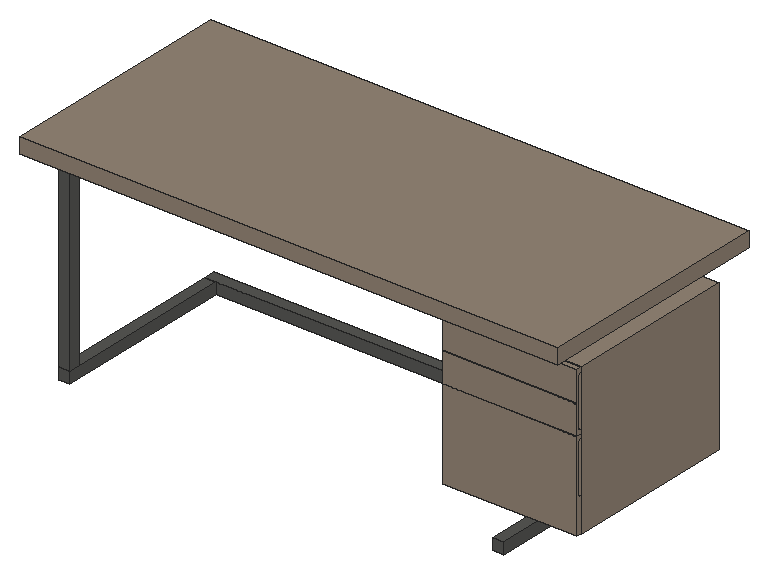
Revit family "Vervano Gabe Desk", category Furniture, Revit 2012
Parameters
  Wood = Vervano Wood
  Width = 72"  # constant formula
  URL = "www.therevitcollection.com"
  Type Comments = "*Change detail level to ''Fine'' to view this object or change visibility settings of extrusions*"  # constant formula
  Product URL = "http://vervano.com/CT-3200_Gabe.pdf"
  Modeled By = "The Revit Collection"  # constant formula
  Model = "Gabe Desk"  # constant formula
  Metal = Vervano Metal
  Manufacturer URL = "http://vervano.com"
  Manufacturer = "Vervano"
  Height = 30"  # constant formula
  Depth = 32"  # constant formula
  Assembly Code = "E2020200"
Reference planes (in)
  plane 1 "Center Front/Back": y = 0
  plane 2: z = 0
  plane 3 "Center Left/Right": x = 0
  plane 4: x = -36
  plane 5: x = 36
  plane 6: y = -16
  plane 7: y = 16
  plane 8 "tt": z = 30
  plane 9: x = -33.875
  plane 10: x = 25.875
Forms (in)
  Extrusion 1, solid, material "Vervano Metal" <- "Metal"
    sketch origin (0, 12.25, 0) x (1, 0, 0) y (0, 0, 1)
      loop
        line (-33.875, 0) -> (-32.375, 0) -> (-32.375, 1.5) -> (-33.875, 1.5) -> (-33.875, 0)
    from 0 to 24.5
  Extrusion 2, solid, material "Vervano Metal" <- "Metal"
    sketch origin (0, 13.75, 0) x (1, 0, 0) y (0, 0, 1)
      loop
        line (-33.875, 0) -> (25.875, 0) -> (25.875, 1.5) -> (-33.875, 1.5) -> (-33.875, 0)
    from 0 to 1.5
  Extrusion 3, solid, material "Vervano Wood" <- "Wood"
    sketch origin (0, 0, 0) x (1, 0, 0) y (0, 0, 1)
      loop
        line (-36, 30) -> (-36, 28) -> (36, 28) -> (36, 30) -> (-36, 30)
    from -16 to 16
  Extrusion 4, solid, material "Vervano Metal" <- "Metal"
    sketch origin (0, 0, 30) x (-1, 0, 0) y (0, -1, 0)
      loop
        line (32.375, 12.25) -> (32.375, 10.75) -> (33.875, 10.75) -> (33.875, 12.25) -> (32.375, 12.25)
    from -28.5 to -3.5
  Extrusion 5, solid, material "Vervano Metal" <- "Metal"
    sketch origin (0, 12.25, 26.5) x (1, 0, 0) y (0, 0, 1)
      loop
        line (-33.875, 0) -> (-32.375, 0) -> (-32.375, 1.5) -> (-33.875, 1.5) -> (-33.875, 0)
    from -1.5 to 24.5
  Extrusion 6, solid, material "Vervano Metal" <- "Metal"
    sketch origin (0, 13.75, 26.5) x (1, 0, 0) y (0, 0, 1)
      loop
        line (-32.375, 0) -> (24.375, 0) -> (24.375, 1.5) -> (-32.375, 1.5) -> (-32.375, 0)
    from 0 to 1.5
  Extrusion 7, solid, material "Vervano Metal" <- "Metal"
    sketch origin (58.25, 10.75, 30) x (-1, 0, 0) y (0, -1, 0)
      loop
        line (32.375, 12.25) -> (32.375, 10.75) -> (33.875, 10.75) -> (33.875, 12.25) -> (32.375, 12.25)
    from -28.5 to -3.5
  Extrusion 8, solid, material "Vervano Wood" <- "Wood"
    sketch origin (0, 0, 0) x (0, 1, 0) y (0, 0, 1)
      loop
        line (13.07074, 24.45624) -> (12.25, 24.45624) -> (12.25, 4.45624) -> (13.07074, 4.45624) -> (13.07074, 24.45624)
    from 16.35644 to 34.35644
  Extrusion 9, solid, material "Vervano Metal" <- "Metal"
    sketch origin (58.25, 12.25, 0) x (1, 0, 0) y (0, 0, 1)
      loop
        line (-33.875, 0) -> (-32.375, 0) -> (-32.375, 1.5) -> (-33.875, 1.5) -> (-33.875, 0)
    from 0 to 24.5
  Extrusion 10, solid, material "Vervano Metal" <- "Metal"
    sketch origin (58.25, 12.25, 26.5) x (1, 0, 0) y (0, 0, 1)
      loop
        line (-33.875, 0) -> (-32.375, 0) -> (-32.375, 1.5) -> (-33.875, 1.5) -> (-33.875, 0)
    from -1.5 to 13.75
  Extrusion 11, solid, material "Vervano Wood" <- "Wood"
    sketch origin (0, 0, 0) x (0, 1, 0) y (0, 0, 1)
      loop
        line (-9.99176, 24.45624) -> (-10.67926, 24.45624) -> (-10.67926, 20.51874) -> (-10.61676, 20.51874) -> (-10.61676, 20.39374) -> (-10.67926, 20.39374) -> (-10.67926, 16.48749) -> (-9.99176, 16.48749) -> (-9.99176, 24.45624)
    from 16.35644 to 34.35644
  Extrusion 12, solid, material "Vervano Wood" <- "Wood"
    sketch origin (0, 0, 0) x (1, 0, 0) y (0, 0, 1)
      loop
        line (16.35644, 24.45624) -> (16.35644, 4.45624) -> (34.35644, 4.45624) -> (34.35644, 24.45624) -> (16.35644, 24.45624)
      loop
        line (16.85644, 23.95624) -> (16.85644, 16.70624) -> (33.85644, 16.70624) -> (33.85644, 23.95624) -> (16.85644, 23.95624)
      loop
        line (33.85644, 4.95624) -> (33.85644, 16.20624) -> (16.85644, 16.20624) -> (16.85644, 4.95624) -> (33.85644, 4.95624)
    from -12.25 to 9.92926
  Extrusion 13, solid, material "Vervano Wood" <- "Wood"
    sketch origin (0, 0, 32.91248) x (0, 1, 0) y (0, 0, 1)
      loop
        line (-9.99176, -28.45624) -> (-9.99176, -16.48749) -> (-10.67926, -16.48749) -> (-10.67926, -28.45624) -> (-9.99176, -28.45624)
    from 16.35644 to 34.35644
  Extrusion 14, void
    sketch origin (16.35644, 0, 0) x (0, 1, 0) y (0, 0, 1)
      loop
        line (-9.99176, 16.95624) -> (-9.99176, 23.95624) -> (-10.05426, 23.95624)
        arc (-10.05426, 23.95624) -> (-10.36362, 23.8281) -> (-10.49176, 23.51874) r 0.4375
        line (-10.49176, 23.51874) -> (-10.49176, 17.39248)
        arc (-10.49176, 17.39248) -> (-10.36399, 17.08401) -> (-10.05552, 16.95624) r 0.43624
        line (-10.05552, 16.95624) -> (-9.99176, 16.95624)
      loop
        line (-9.99176, 15.95624) -> (-10.05552, 15.95624)
        arc (-10.05552, 15.95624) -> (-10.36399, 15.82847) -> (-10.49176, 15.52001) r 0.43624
        line (-10.49176, 15.52001) -> (-10.49176, 9.39374)
        arc (-10.49176, 9.39374) -> (-10.36362, 9.08438) -> (-10.05426, 8.95624) r 0.4375
        line (-10.05426, 8.95624) -> (-9.99176, 8.95624) -> (-9.99176, 15.95624)
    from 0 to 0.5
  Extrusion 15, void
    sketch origin (34.35644, 0, 0) x (0, 1, 0) y (0, 0, -1)
      loop
        line (-9.99176, -16.95624) -> (-10.05552, -16.95624)
        arc (-10.05552, -16.95624) -> (-10.36399, -17.08401) -> (-10.49176, -17.39248) r 0.43624
        line (-10.49176, -17.39248) -> (-10.49176, -23.51874)
        arc (-10.49176, -23.51874) -> (-10.36362, -23.8281) -> (-10.05426, -23.95624) r 0.4375
        line (-10.05426, -23.95624) -> (-9.99176, -23.95624) -> (-9.99176, -16.95624)
      loop
        line (-9.99176, -15.95624) -> (-9.99176, -8.95624) -> (-10.05426, -8.95624)
        arc (-10.05426, -8.95624) -> (-10.36362, -9.08438) -> (-10.49176, -9.39374) r 0.4375
        line (-10.49176, -9.39374) -> (-10.49176, -15.52001)
        arc (-10.49176, -15.52001) -> (-10.36399, -15.82847) -> (-10.05552, -15.95624) r 0.43624
        line (-10.05552, -15.95624) -> (-9.99176, -15.95624)
    from 0 to 0.5
Cuts and joins
  Extrusion 14, Extrusion 15 cuts Extrusion 11
  Extrusion 14, Extrusion 15 cuts Extrusion 13
  joined: Extrusion 8, Extrusion 12
Lines and regions (in)
  Masking region 1
    outline origin (0, 0, 30) x (-1, 0, 0) y (0, -1, 0)
      loop
        line (36, -16) -> (36, 16) -> (-36, 16) -> (-36, -16) -> (36, -16)
Dimensions and locks (in)
  "Height": plane 8 "tt" to level
  equal spacing: plane 6, plane 1 "Center Front/Back", plane 7
  "Depth": plane 6 to plane 7
  equal spacing: plane 4, plane 3 "Center Left/Right", plane 5
  "Width": plane 4 to plane 5
  aligned and locked: level to plane 2
Automatic sketch dimensions
  Masking region 1 sketch curve to plane 5 = 0"
  Masking region 1 sketch curve to plane 4 = 0"
  plane 7 to Masking region 1 sketch curve = 0"
  plane 6 to Masking region 1 sketch curve = 0"
  Extrusion 1 sketch curve to plane 9 = 0"
  Extrusion 1 sketch curve to level = 0"
  Extrusion 1 sketch curve to Extrusion 1 sketch curve = 1 1/2"  (x2)
  Extrusion 2 sketch curve to plane 9 = 0"
  plane 10 to Extrusion 2 sketch curve = 0"
  Extrusion 2 sketch curve to level = 0"
  Extrusion 2 sketch curve to Extrusion 2 sketch curve = 1 1/2"
  Extrusion 3 sketch curve to plane 4 = 0"
  Extrusion 3 sketch curve to plane 5 = 0"
  Extrusion 3 sketch curve to plane 8 "tt" = 0"
  Extrusion 3 sketch curve to Extrusion 3 sketch curve = 2"
  Extrusion 4 sketch curve to plane 9 = 0"
  Extrusion 4 sketch curve to Extrusion 4 sketch curve = 1 1/2"  (x2)
  Extrusion 4 sketch curve to plane 6 = 5 1/4"
  Extrusion 5 sketch curve to plane 9 = 0"
  Extrusion 5 sketch curve to Extrusion 5 sketch curve = 1 1/2"  (x2)
  Extrusion 5 sketch curve to plane 8 "tt" = 3 1/2"
  plane 9 to Extrusion 6 sketch curve = 1 1/2"
  plane 10 to Extrusion 6 sketch curve = 1 1/2"
  Extrusion 6 sketch curve to plane 8 "tt" = 3 1/2"
  Extrusion 6 sketch curve to Extrusion 6 sketch curve = 1 1/2"
  plane 1 "Center Front/Back" to Extrusion 7 sketch curve = 0"
  Extrusion 7 sketch curve to plane 10 = 0"
  Extrusion 7 sketch curve to Extrusion 7 sketch curve = 1 1/2"
  plane 1 "Center Front/Back" to Extrusion 7 sketch curve = 1 1/2"
  plane 7 to Extrusion 8 sketch curve = 3 3/4"
  Extrusion 8 sketch curve to Extrusion 8 sketch curve = 0.82074"
  level to Extrusion 8 sketch curve = 4.45624"
  Extrusion 8 sketch curve to plane 8 "tt" = 5.54376"
  Extrusion 9 sketch curve to level = 0"
  plane 10 to Extrusion 9 sketch curve = 0"
  plane 10 to Extrusion 9 sketch curve = 1 1/2"
  level to Extrusion 9 sketch curve = 1 1/2"
  plane 10 to Extrusion 10 sketch curve = 0"
  plane 10 to Extrusion 10 sketch curve = 1 1/2"
  Extrusion 10 sketch curve to plane 8 "tt" = 3 1/2"
  Extrusion 10 sketch curve to Extrusion 10 sketch curve = 1 1/2"
  Extrusion 11 sketch curve to plane 6 = 5.32074"
  Extrusion 11 sketch curve to Extrusion 11 sketch curve = 0"
  Extrusion 11 sketch curve to Extrusion 11 sketch curve = 1/16"
  Extrusion 11 sketch curve to Extrusion 11 sketch curve = 11/16"
  Extrusion 11 sketch curve to plane 8 "tt" = 13.51251"
  Extrusion 11 sketch curve to Extrusion 11 sketch curve = 3 29/32"
  Extrusion 11 sketch curve to Extrusion 11 sketch curve = 1/8"
  Extrusion 11 sketch curve to Extrusion 11 sketch curve = 3 15/16"
  level to Extrusion 12 sketch curve = 4.45624"
  plane 10 to Extrusion 12 sketch curve = 9.51856"
  Extrusion 12 sketch curve to Extrusion 12 sketch curve = 1/2"  (x5)
  Extrusion 12 sketch curve to Extrusion 12 sketch curve = 0"  (x2)
  Extrusion 12 sketch curve to plane 5 = 2.14356"
  Extrusion 12 sketch curve to Extrusion 12 sketch curve = 11 1/4"
  Extrusion 12 sketch curve to plane 8 "tt" = 6.04376"
  plane 6 to Extrusion 13 sketch curve = 5.32074"
  Extrusion 13 sketch curve to Extrusion 13 sketch curve = 11/16"
  plane 8 "tt" to Extrusion 13 sketch curve = 13.57501"
  Extrusion 13 sketch curve to level = 4.45624"
  Extrusion 14 sketch curve to Extrusion 11 = 0"  (x2)
  Extrusion 11 to Extrusion 14 sketch curve = 1/16"
  Extrusion 14 sketch curve to Extrusion 14 sketch curve = 1/16"
  Extrusion 11 to Extrusion 14 sketch curve = 0.06376"  (x2)
  Extrusion 11 to Extrusion 14 sketch curve = 1/8"  (x2)
  Extrusion 14 sketch curve to Extrusion 11 = 7 17/32"
  Extrusion 14 sketch curve to Extrusion 11 = 0.96749"
  Extrusion 11 to Extrusion 14 sketch curve = 15/32"
  Extrusion 11 to Extrusion 14 sketch curve = 15/16"
  Extrusion 15 sketch curve to plane 6 = 5.50824"  (x2)
  Extrusion 15 sketch curve to Extrusion 15 sketch curve = 0.43624"  (x2)
  Extrusion 15 sketch curve to Extrusion 15 sketch curve = 7/16"  (x2)
  Extrusion 15 sketch curve to Extrusion 15 sketch curve = 0.06376"
  Extrusion 15 sketch curve to Extrusion 15 sketch curve = 1/16"
  Extrusion 15 sketch curve to plane 8 "tt" = 6.04376"
  Extrusion 15 sketch curve to Extrusion 15 sketch curve = 6.12626"  (x2)
  Extrusion 15 sketch curve to Extrusion 15 sketch curve = 1"
